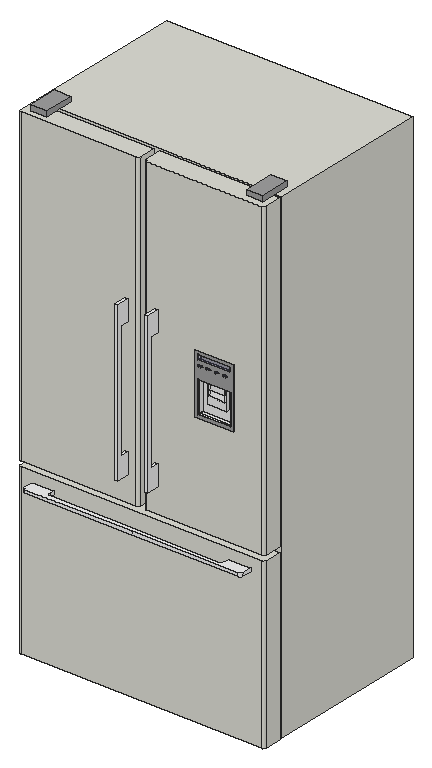
Revit family
Parameters (values of type "F & P French Door Refrigerator")
  URL = "www.revitrendering.com"
  Model = "French Door Refrigerator"
  Manufacturer = "Fisher & Paykel"
  Description = ""
  Material = Metal - Paint Finish - Ivory, Matte
  Assembly Code = ""
Reference planes
  plane 1 "Center (Front/Back)": y = -33.785
  plane 2: z = 0
  plane 3 "Center (Left/Right)": x = -53.801
  plane 4: x = -503.801
  plane 5: x = 396.199
  plane 6: y = 306.215
  plane 7: y = -373.785
  plane 8: z = 1830
  plane 9 "handle": z = 1087.803
Forms (mm)
  Extrusion 1, solid, material "Metal - Paint Finish - Ivory, Matte" <- "Material"
    sketch origin (0, -373.785, 0) x (1, 0, 0) y (0, 0, 1)
      loop
        line (-503.801, 1830) -> (-503.801, 50.8) -> (396.199, 50.8) -> (396.199, 1830) -> (-503.801, 1830)
      loop
        line (-478.401, 1626.8) -> (-478.401, 431.8) -> (370.799, 431.8) -> (370.799, 1626.8) -> (-478.401, 1626.8)
    from -82.55 to -680
  Extrusion 2, solid, material "Metal - Paint Finish - Ivory, Matte"
    sketch origin (0, 306.215, 0) x (1, 0, 0) y (0, 0, 1)
      loop
        line (-478.401, 1804.6) -> (-478.401, 152.4) -> (370.799, 152.4) -> (370.799, 1804.6) -> (-478.401, 1804.6)
    from 0 to 25.4
  Extrusion 3, solid, material "Metal - Paint Finish - Ivory, Matte" <- "Material"
    sketch origin (0, -373.785, 0) x (1, 0, 0) y (0, 0, 1)
      loop
        line (-503.801, 664.9) -> (-503.801, 50.8) -> (396.199, 50.8) -> (396.199, 664.9) -> (-503.801, 664.9)
      loop
        line (-503.801, 1830) -> (-503.801, 684.9) -> (-63.801, 684.9) -> (-63.801, 1830) -> (-503.801, 1830)
      loop
        line (-43.801, 1830) -> (-43.801, 684.9) -> (396.199, 684.9) -> (396.199, 1830) -> (-43.801, 1830)
    from -69.85 to 0
  Extrusion 4, solid, material "Metal - Chrome"
    sketch origin (0, 0, 0) x (1, 0, 0) y (0, 1, 0)
      loop
        circle (-421.251, 230.015) r 25.4
      loop
        circle (313.649, 230.015) r 25.4
      loop
        circle (-421.251, -246.785) r 25.4
      loop
        circle (313.649, -246.785) r 25.4
    from 0 to 50.8
  Extrusion 5, solid, material "Metal - Chrome"
    sketch origin (-428.244, 0, 612.19) x (-1, 0, 0) y (0, -1, 0)
      loop
        line (-374.442, 418.785) -> (-764.442, 418.785)
        arc (-764.442, 418.785) -> (-771.514, 415.856) -> (-774.442, 408.785) r 10
        line (-774.442, 408.785) -> (-774.442, 373.785) -> (-694.442, 373.785) -> (-694.442, 393.785)
        arc (-694.442, 393.785) -> (-691.514, 400.856) -> (-684.442, 403.785) r 10
        line (-684.442, 403.785) -> (-374.442, 403.785) -> (-64.442, 403.785)
        arc (-64.442, 403.785) -> (-57.371, 400.856) -> (-54.442, 393.785) r 10
        line (-54.442, 393.785) -> (-54.442, 373.785) -> (25.558, 373.785) -> (25.558, 408.785)
        arc (25.558, 408.785) -> (22.629, 415.856) -> (15.558, 418.785) r 10
        line (15.558, 418.785) -> (-374.442, 418.785)
    from 4.653 to 15.875
  Extrusion 6, solid, material "Metal - Chrome"
    sketch origin (12.074, 0, 752.701) x (0, 0, -1) y (0, -1, 0)
      loop
        line (-602.399, 373.785) -> (-527.399, 373.785) -> (-527.399, 403.785) -> (-97.399, 403.785) -> (-97.399, 373.785) -> (-22.399, 373.785) -> (-22.399, 418.785) -> (-602.399, 418.785) -> (-602.399, 373.785)
    from 5.919 to 15.875
  Extrusion 7, solid, material "Metal - Chrome"
    sketch origin (-119.676, 0, 752.701) x (0, 0, -1) y (0, 1, 0)
      loop
        line (-602.399, -373.785) -> (-602.399, -418.785) -> (-22.399, -418.785) -> (-22.399, -373.785) -> (-97.399, -373.785) -> (-97.399, -403.785) -> (-527.399, -403.785) -> (-527.399, -373.785) -> (-602.399, -373.785)
    from 5.919 to 15.875
  Extrusion 8, void
    sketch origin (0, -373.785, 0) x (-1, 0, 0) y (0, 0, 1)
      loop
        line (-157.326, 1264.931) -> (-273.859, 1264.931) -> (-273.859, 1055.8) -> (-157.326, 1055.8) -> (-157.326, 1264.931)
    from 0 to 75
  Extrusion 9, solid, material "ice panel"
    sketch origin (0, -373.785, 0) x (1, 0, 0) y (0, 0, 1)
      loop
        line (146.177, 1274.669) -> (146.177, 1055.8) -> (286.177, 1055.8) -> (286.177, 1274.669) -> (146.177, 1274.669)
    from -140.058 to 3.185
  Extrusion 10, void
    sketch origin (0, -376.97, 0) x (-1, 0, 0) y (0, 0, 1)
      loop
        line (-155.712, 1066.692) -> (-155.712, 1184.931) -> (-275.712, 1184.931) -> (-275.712, 1066.692) -> (-155.712, 1066.692)
    from -68.505 to 108.694
  Blend 11, void
    base sketch origin (0, -376.97, 0) x (-1, 0, 0) y (0, 0, 1)
      loop
        line (-155.712, 1244.931) -> (-155.712, 1264.931) -> (-275.712, 1264.931) -> (-275.712, 1244.931) -> (-155.712, 1244.931)
    top sketch origin (0, -376.97, 0) x (-1, 0, 0) y (0, 0, 1)
      loop
        line (-157.326, 1263.204) -> (-273.859, 1263.204) -> (-273.859, 1246.408) -> (-157.326, 1246.408) -> (-157.326, 1263.204)
    from 0 to 10
  Extrusion 12, void
    sketch origin (0, -376.97, 0) x (-1, 0, 0) y (0, 0, 1)
      loop
        spline (-156.277, 1228.61) -> (-156.624, 1229.528) -> (-157.644, 1230.384) -> (-159.265, 1231.119) -> (-161.377, 1231.683) -> (-163.838, 1232.037) -> (-166.478, 1232.158) -> (-169.118, 1232.037) -> (-171.579, 1231.683) -> (-173.692, 1231.119) -> (-175.313, 1230.384) -> (-176.332, 1229.528) -> (-176.68, 1228.61)
        spline (-176.68, 1228.61) -> (-176.332, 1227.691) -> (-175.313, 1226.835) -> (-173.692, 1226.101) -> (-171.579, 1225.537) -> (-169.118, 1225.182) -> (-166.478, 1225.061) -> (-163.838, 1225.182) -> (-161.377, 1225.537) -> (-159.265, 1226.101) -> (-157.644, 1226.835) -> (-156.624, 1227.691) -> (-156.277, 1228.61)
      loop
        spline (-186.277, 1228.61) -> (-186.624, 1229.528) -> (-187.644, 1230.384) -> (-189.265, 1231.119) -> (-191.377, 1231.683) -> (-193.838, 1232.037) -> (-196.478, 1232.158) -> (-199.118, 1232.037) -> (-201.579, 1231.683) -> (-203.692, 1231.119) -> (-205.313, 1230.384) -> (-206.332, 1229.528) -> (-206.68, 1228.61)
        spline (-206.68, 1228.61) -> (-206.332, 1227.691) -> (-205.313, 1226.835) -> (-203.692, 1226.101) -> (-201.579, 1225.537) -> (-199.118, 1225.182) -> (-196.478, 1225.061) -> (-193.838, 1225.182) -> (-191.377, 1225.537) -> (-189.265, 1226.101) -> (-187.644, 1226.835) -> (-186.624, 1227.691) -> (-186.277, 1228.61)
      loop
        spline (-216.277, 1228.61) -> (-216.624, 1229.528) -> (-217.644, 1230.384) -> (-219.265, 1231.119) -> (-221.377, 1231.683) -> (-223.838, 1232.037) -> (-226.478, 1232.158) -> (-229.118, 1232.037) -> (-231.579, 1231.683) -> (-233.692, 1231.119) -> (-235.313, 1230.384) -> (-236.332, 1229.528) -> (-236.68, 1228.61)
        spline (-236.68, 1228.61) -> (-236.332, 1227.691) -> (-235.313, 1226.835) -> (-233.692, 1226.101) -> (-231.579, 1225.537) -> (-229.118, 1225.182) -> (-226.478, 1225.061) -> (-223.838, 1225.182) -> (-221.377, 1225.537) -> (-219.265, 1226.101) -> (-217.644, 1226.835) -> (-216.624, 1227.691) -> (-216.277, 1228.61)
      loop
        spline (-246.277, 1228.61) -> (-246.624, 1229.528) -> (-247.644, 1230.384) -> (-249.265, 1231.119) -> (-251.377, 1231.683) -> (-253.838, 1232.037) -> (-256.478, 1232.158) -> (-259.118, 1232.037) -> (-261.579, 1231.683) -> (-263.692, 1231.119) -> (-265.313, 1230.384) -> (-266.332, 1229.528) -> (-266.68, 1228.61)
        spline (-266.68, 1228.61) -> (-266.332, 1227.691) -> (-265.313, 1226.835) -> (-263.692, 1226.101) -> (-261.579, 1225.537) -> (-259.118, 1225.182) -> (-256.478, 1225.061) -> (-253.838, 1225.182) -> (-251.377, 1225.537) -> (-249.265, 1226.101) -> (-247.644, 1226.835) -> (-246.624, 1227.691) -> (-246.277, 1228.61)
    from 0 to 5.55
  Extrusion 13, solid, material "led buttons blue"
    sketch origin (0, -376.97, 0) x (1, 0, 0) y (0, 0, 1)
      loop
        spline (156.468, 1228.596) -> (156.761, 1227.839) -> (157.711, 1227.045) -> (159.293, 1226.329) -> (161.385, 1225.771) -> (163.835, 1225.419) -> (166.468, 1225.298) -> (169.101, 1225.419) -> (171.552, 1225.771) -> (173.644, 1226.329) -> (175.225, 1227.045) -> (176.176, 1227.839) -> (176.468, 1228.596)
        spline (176.468, 1228.596) -> (176.176, 1229.352) -> (175.225, 1230.146) -> (173.644, 1230.862) -> (171.552, 1231.42) -> (169.101, 1231.772) -> (166.468, 1231.894) -> (163.835, 1231.772) -> (161.385, 1231.42) -> (159.293, 1230.862) -> (157.711, 1230.146) -> (156.761, 1229.352) -> (156.468, 1228.596)
      loop
        spline (186.468, 1228.596) -> (186.761, 1227.839) -> (187.711, 1227.045) -> (189.293, 1226.329) -> (191.385, 1225.771) -> (193.835, 1225.419) -> (196.468, 1225.298) -> (199.101, 1225.419) -> (201.552, 1225.771) -> (203.644, 1226.329) -> (205.225, 1227.045) -> (206.176, 1227.839) -> (206.468, 1228.596)
        spline (206.468, 1228.596) -> (206.176, 1229.352) -> (205.225, 1230.146) -> (203.644, 1230.862) -> (201.552, 1231.42) -> (199.101, 1231.772) -> (196.468, 1231.894) -> (193.835, 1231.772) -> (191.385, 1231.42) -> (189.293, 1230.862) -> (187.711, 1230.146) -> (186.761, 1229.352) -> (186.468, 1228.596)
      loop
        spline (216.468, 1228.596) -> (216.761, 1227.839) -> (217.711, 1227.045) -> (219.293, 1226.329) -> (221.385, 1225.771) -> (223.835, 1225.419) -> (226.468, 1225.298) -> (229.101, 1225.419) -> (231.552, 1225.771) -> (233.644, 1226.329) -> (235.225, 1227.045) -> (236.176, 1227.839) -> (236.468, 1228.596)
        spline (236.468, 1228.596) -> (236.176, 1229.352) -> (235.225, 1230.146) -> (233.644, 1230.862) -> (231.552, 1231.42) -> (229.101, 1231.772) -> (226.468, 1231.894) -> (223.835, 1231.772) -> (221.385, 1231.42) -> (219.293, 1230.862) -> (217.711, 1230.146) -> (216.761, 1229.352) -> (216.468, 1228.596)
      loop
        spline (246.468, 1228.596) -> (246.761, 1227.839) -> (247.711, 1227.045) -> (249.293, 1226.329) -> (251.385, 1225.771) -> (253.835, 1225.419) -> (256.468, 1225.298) -> (259.101, 1225.419) -> (261.552, 1225.771) -> (263.644, 1226.329) -> (265.225, 1227.045) -> (266.176, 1227.839) -> (266.468, 1228.596)
        spline (266.468, 1228.596) -> (266.176, 1229.352) -> (265.225, 1230.146) -> (263.644, 1230.862) -> (261.552, 1231.42) -> (259.101, 1231.772) -> (256.468, 1231.894) -> (253.835, 1231.772) -> (251.385, 1231.42) -> (249.293, 1230.862) -> (247.711, 1230.146) -> (246.761, 1229.352) -> (246.468, 1228.596)
    from -4.019 to 0.291
  Extrusion 14, solid, material "white plastic"
    sketch origin (0, -376.97, 0) x (1, 0, 0) y (0, 0, 1)
      loop
        line (155.712, 1184.931) -> (155.712, 1066.692) -> (275.712, 1066.692) -> (275.712, 1184.931) -> (155.712, 1184.931)
    from -152.596 to -3.185
  Extrusion 15, void
    sketch origin (0, -376.97, 0) x (-1, 0, 0) y (0, 0, 1)
      loop
        line (-157.712, 1068.692) -> (-157.712, 1182.931) -> (-273.712, 1182.931) -> (-273.712, 1068.692) -> (-157.712, 1068.692)
    from 21.255 to -36.882
  Extrusion 16, solid, material "led buttons blue"
    sketch origin (0, -376.97, 0) x (1, 0, 0) y (0, 0, 1)
      loop
        line (157.326, 1246.408) -> (273.859, 1246.408) -> (273.859, 1263.204) -> (157.326, 1263.204) -> (157.326, 1246.408)
    from -19.081 to 0
  Blend 17, void
    base sketch origin (0, -373.785, 0) x (-1, 0, 0) y (0, 0, 1)
      loop
        line (-155.712, 1184.931) -> (-275.712, 1184.931) -> (-275.712, 1066.692) -> (-155.712, 1066.692) -> (-155.712, 1184.931)
    top sketch origin (0, -373.785, 0) x (-1, 0, 0) y (0, 0, 1)
      loop
        line (-157.712, 1182.931) -> (-273.712, 1182.931) -> (-273.712, 1068.692) -> (-157.712, 1068.692) -> (-157.712, 1182.931)
    from 0 to 3
  Extrusion 18, void
    sketch origin (-63.801, -373.785, 1830) x (-1, 0, 0) y (0, 1, 0)
      loop
        arc (440, 10) -> (437.071, 2.929) -> (430, 0) r 10
        line (430, 0) -> (440, 0) -> (440, 10)
      loop
        line (-460, 10) -> (-460, 0) -> (-450, 0)
        arc (-450, 0) -> (-457.071, 2.929) -> (-460, 10) r 10
    from 0 to 2000
  Extrusion 19, solid, material "fridge capping"
    sketch origin (-63.801, -373.785, 1830) x (0, 1, 0) y (-1, 0, 0)
      loop
        line (24.838, 414.6) -> (24.838, 357.45) -> (135.509, 357.45) -> (135.509, 414.6) -> (24.838, 414.6)
      loop
        line (24.838, -377.431) -> (24.838, -434.581) -> (135.509, -434.581) -> (135.509, -377.431) -> (24.838, -377.431)
    from 0 to 18.153
  Extrusion 20, solid, material "white plastic"
    sketch origin (3.75, -355.715, 0) x (1, 0, 0) y (0, 0, 1)
      loop
        line (177.712, 1182.931) -> (177.712, 1104.692) -> (247.712, 1104.692) -> (247.712, 1182.931) -> (177.712, 1182.931)
    from 0 to 8.07
  Blend 21, void
    base sketch origin (3.75, -363.785, 0) x (-1, 0, 0) y (0, 0, 1)
      loop
        line (-182.673, 1175.393) -> (-241.404, 1175.393) -> (-241.404, 1132.154) -> (-182.673, 1132.154) -> (-182.673, 1175.393)
    top sketch origin (3.75, -363.785, 0) x (-1, 0, 0) y (0, 0, 1)
      loop
        line (-184.736, 1173.331) -> (-239.342, 1173.331) -> (-239.342, 1152.456) -> (-184.736, 1152.456) -> (-184.736, 1173.331)
    from 0 to 4.631
  Extrusion 22, solid, material "white plastic"
    sketch origin (3.75, -359.154, 0) x (1, 0, 0) y (0, 0, 1)
      loop
        line (184.736, 1173.331) -> (184.736, 1152.456) -> (239.342, 1152.456) -> (239.342, 1173.331) -> (184.736, 1173.331)
    from 0 to 3.905
  Extrusion 23, void
    sketch origin (0, 0, 0) x (1, 0, 0) y (0, 1, 0)
      loop
        arc (-63.801, -363.785) -> (-66.73, -370.856) -> (-73.801, -373.785) r 10
        line (-73.801, -373.785) -> (-63.801, -373.785) -> (-63.801, -363.785)
      loop
        line (-43.801, -363.785) -> (-43.801, -373.785) -> (-33.801, -373.785)
        arc (-33.801, -373.785) -> (-40.872, -370.856) -> (-43.801, -363.785) r 10
    from 684.9 to 1830
Cuts and joins
  Extrusion 8, Extrusion 10, Blend 11, Extrusion 12, Extrusion 15, Blend 17, Extrusion 18, Blend 21, Extrusion 23 cuts Extrusion 3
  Extrusion 10, Blend 11, Extrusion 12, Extrusion 15, Blend 17, Blend 21 cuts Extrusion 9
  Extrusion 15, Blend 17, Blend 21 cuts Extrusion 14
  Blend 21 cuts Extrusion 20
Lines and regions (mm)
  Masking region 1
    outline origin (0, 0, 0) x (1, 0, 0) y (0, 1, 0)
      loop
        line (-503.801, 306.215) -> (-503.801, -373.785) -> (396.199, -373.785) -> (396.199, 306.215) -> (-503.801, 306.215)
  symbolic lines, style "SpecialityEquipment"
    curve 1: line (-503.801, 306.215, 0) -> (396.199, 306.215, 0)
    curve 2: line (-503.801, -297.585, 0) -> (-503.801, 306.215, 0)
    curve 4: line (396.199, 306.215, 0) -> (396.199, -297.585, 0)
    curve 7: line (396.199, -297.585, 0) -> (-503.801, -297.585, 0)
    curve 10: line (-503.801, -373.785, 0) -> (396.199, -373.785, 0)
    curve 11: line (-503.801, -300.76, 0) -> (-503.801, -373.785, 0)
    curve 12: line (396.199, -300.76, 0) -> (-503.801, -300.76, 0)
    curve 13: line (396.199, -373.785, 0) -> (396.199, -300.76, 0)
  symbolic lines
    curve 3: line (396.199, -297.585, 0) -> (-503.801, -297.585, 0)
    curve 5: line (-503.801, -373.785, 0) -> (396.199, -373.785, 0)
    curve 6: line (-503.801, -297.585, 0) -> (-503.801, -373.785, 0)
    curve 8: line (396.199, -373.785, 0) -> (396.199, -297.585, 0)
  symbolic lines, style "Dashed", detail levels medium+fine
    curve 9: line (334.325, -701.726, 0) -> (-503.801, -373.785, 0)
    curve 14: arc (396.199, -373.785, 0) -> (380.595, -540.648, 0) -> (334.325, -701.726, 0) r 900
Dimensions and locks
  equal spacing: plane 4, plane 3 "Center (Left/Right)", plane 5
  plane 4 to plane 5 = 900.00 mm
  equal spacing: plane 7, plane 1 "Center (Front/Back)", plane 6
  plane 7 to plane 6 = 680.00 mm
  locked: plane 8 to plane 2 at 1830
  cut or joined group of Extrusion 14, Extrusion 15, Blend 17, Blend 21 to cut or joined group of Extrusion 9, Extrusion 10, Blend 11, Extrusion 12, Extrusion 15, Blend 17, Blend 21 = 21.255 mm
  aligned and locked: Extrusion 1 to plane 6
  aligned and locked: plane 3 "Center (Left/Right)" to nested 1
  aligned and locked: plane 1 "Center (Front/Back)" to nested 1
  aligned and locked: Masking region 1 sketch curve to plane 4
  aligned and locked: plane 6 to Masking region 1 sketch curve
  aligned and locked: plane 5 to Masking region 1 sketch curve
  aligned and locked: Masking region 1 sketch curve to plane 7
  aligned: Extrusion 3 to Extrusion 23
  aligned: Extrusion 1 to Extrusion 23
Automatic sketch dimensions
  curve 1 to plane 4 = 0.00 mm
  curve 14 to plane 4 = 0.00 mm
  curve 12 to plane 4 = 0.00 mm
  curve 8 to plane 5 = 0.00 mm
  curve 10 to plane 5 = 0.00 mm
  curve 14 to plane 7 = 0.00 mm
  curve 9 to plane 7 = 0.00 mm
  curve 4 to plane 6 = 0.00 mm
  plane 5 to curve 14 = 61.874 mm
  curve 9 to curve 14 = 0.00 mm  (x2)
  curve 5 to curve 13 = 73.025 mm
  curve 11 to curve 6 = 3.175 mm
  Extrusion 1 sketch curve to plane 4 = 0.00 mm
  Extrusion 1 sketch curve to plane 5 = 0.00 mm
  Extrusion 1 sketch curve to plane 8 = 0.00 mm
  Extrusion 1 sketch curve to plane 4 = 25.40 mm
  plane 5 to Extrusion 1 sketch curve = 25.40 mm
  plane 8 to Extrusion 1 sketch curve = 203.20 mm
  level to Extrusion 1 sketch curve = 431.80 mm
  level to Extrusion 1 sketch curve = 50.80 mm
  Extrusion 2 sketch curve to plane 4 = 25.40 mm
  plane 5 to Extrusion 2 sketch curve = 25.40 mm
  level to Extrusion 2 sketch curve = 152.40 mm
  plane 8 to Extrusion 2 sketch curve = 25.40 mm
  Extrusion 3 sketch curve to plane 4 = 0.00 mm  (x2)
  Extrusion 3 sketch curve to plane 8 = 0.00 mm  (x2)
  Extrusion 3 sketch curve to plane 5 = 0.00 mm  (x2)
  Extrusion 3 sketch curve to plane 3 "Center (Left/Right)" = 10.00 mm
  plane 3 "Center (Left/Right)" to Extrusion 3 sketch curve = 10.00 mm
  Extrusion 3 sketch curve to plane 9 "handle" = 402.903 mm
  Extrusion 3 sketch curve to Extrusion 3 sketch curve = 0.00 mm
  Extrusion 3 sketch curve to Extrusion 3 sketch curve = 20.00 mm
  level to Extrusion 3 sketch curve = 50.80 mm
  Extrusion 4 sketch curve to Extrusion 4 sketch curve = 0.00 mm  (x8)
  Extrusion 4 sketch curve to plane 4 = 57.15 mm  (x2)
  Extrusion 4 sketch curve to Extrusion 4 sketch curve = 25.40 mm  (x4)
  plane 5 to Extrusion 4 sketch curve = 107.95 mm  (x2)
  Extrusion 4 sketch curve to plane 7 = 127.00 mm  (x2)
  plane 6 to Extrusion 4 sketch curve = 76.20 mm  (x2)
  Extrusion 5 sketch curve to plane 7 = 0.00 mm  (x2)
  Extrusion 5 sketch curve to plane 3 "Center (Left/Right)" = 0.00 mm  (x2)
  plane 7 to Extrusion 5 sketch curve = 20.00 mm  (x2)
  plane 5 to Extrusion 5 sketch curve = 140.00 mm
  Extrusion 5 sketch curve to Extrusion 5 sketch curve = 10.00 mm  (x3)
  plane 5 to Extrusion 5 sketch curve = 60.00 mm
  Extrusion 5 sketch curve to plane 4 = 140.00 mm
  plane 7 to Extrusion 5 sketch curve = 35.00 mm
  Extrusion 5 sketch curve to plane 4 = 60.00 mm
  Extrusion 6 sketch curve to plane 7 = 0.00 mm  (x2)
  plane 9 "handle" to Extrusion 6 sketch curve = 267.297 mm
  Extrusion 6 sketch curve to Extrusion 6 sketch curve = 75.00 mm  (x2)
  Extrusion 6 sketch curve to plane 9 "handle" = 237.703 mm
  Extrusion 6 sketch curve to Extrusion 6 sketch curve = 30.00 mm
  plane 7 to Extrusion 6 sketch curve = 45.00 mm
  Extrusion 7 sketch curve to plane 7 = 0.00 mm  (x2)
  plane 9 "handle" to Extrusion 7 sketch curve = 267.297 mm
  Extrusion 7 sketch curve to Extrusion 7 sketch curve = 75.00 mm  (x2)
  Extrusion 7 sketch curve to plane 9 "handle" = 237.703 mm
  Extrusion 7 sketch curve to Extrusion 7 sketch curve = 30.00 mm
  Extrusion 7 sketch curve to Extrusion 7 sketch curve = 45.00 mm
  Extrusion 3 to Extrusion 8 sketch curve = 122.34 mm
  Extrusion 8 sketch curve to Extrusion 8 sketch curve = 116.533 mm
  Extrusion 3 to Extrusion 8 sketch curve = 370.90 mm
  Extrusion 8 sketch curve to Extrusion 8 sketch curve = 209.131 mm
  Extrusion 9 sketch curve to Extrusion 3 = 189.978 mm
  Extrusion 9 sketch curve to Extrusion 3 = 110.022 mm
  Extrusion 9 sketch curve to Extrusion 3 = 370.90 mm
  Extrusion 9 sketch curve to Extrusion 9 sketch curve = 218.869 mm
  Extrusion 9 to Extrusion 10 sketch curve = 10.464 mm
  Extrusion 9 to Extrusion 10 sketch curve = 9.536 mm
  Extrusion 9 to Extrusion 10 sketch curve = 10.892 mm
  Extrusion 9 to Extrusion 10 sketch curve = 89.738 mm
  Extrusion 9 to Blend 11 sketch curve = 10.464 mm
  Extrusion 9 to Blend 11 sketch curve = 9.536 mm
  Extrusion 9 to Blend 11 sketch curve = 29.738 mm
  Extrusion 9 to Blend 11 sketch curve = 9.738 mm
  Extrusion 9 to Blend 11 sketch curve = 12.317 mm
  Extrusion 9 to Blend 11 sketch curve = 11.149 mm
  Extrusion 9 to Blend 11 sketch curve = 28.261 mm
  Extrusion 9 to Blend 11 sketch curve = 11.465 mm
  Extrusion 9 to Extrusion 12 sketch curve = 29.698 mm
  Extrusion 12 sketch curve to Extrusion 12 sketch curve = 10.201 mm  (x3)
  Extrusion 12 sketch curve to Extrusion 12 sketch curve = 19.799 mm  (x3)
  Extrusion 9 to Extrusion 12 sketch curve = 10.10 mm
  Extrusion 9 to Extrusion 12 sketch curve = 46.059 mm
  Extrusion 12 sketch curve to Extrusion 12 sketch curve = 0.00 mm  (x3)
  Extrusion 13 sketch curve to Extrusion 9 = 10.292 mm
  Extrusion 13 sketch curve to Extrusion 13 sketch curve = 20.00 mm  (x3)
  Extrusion 13 sketch curve to Extrusion 13 sketch curve = 10.00 mm  (x3)
  Extrusion 13 sketch curve to Extrusion 9 = 19.708 mm
  Extrusion 13 sketch curve to Extrusion 9 = 46.073 mm
  Extrusion 13 sketch curve to Extrusion 13 sketch curve = 0.00 mm  (x3)
  Extrusion 14 sketch curve to Extrusion 9 = 9.536 mm
  Extrusion 14 sketch curve to Extrusion 9 = 10.464 mm
  Extrusion 14 sketch curve to Extrusion 9 = 10.892 mm
  Extrusion 14 sketch curve to Extrusion 9 = 89.738 mm
  Extrusion 9 to Extrusion 15 sketch curve = 12.464 mm
  Extrusion 9 to Extrusion 15 sketch curve = 11.536 mm
  Extrusion 9 to Extrusion 15 sketch curve = 12.892 mm
  Extrusion 9 to Extrusion 15 sketch curve = 91.738 mm
  Extrusion 16 sketch curve to Extrusion 9 = 11.149 mm
  Extrusion 16 sketch curve to Extrusion 9 = 12.317 mm
  Extrusion 16 sketch curve to Extrusion 9 = 28.261 mm
  Extrusion 16 sketch curve to Extrusion 9 = 11.465 mm
  Blend 17 sketch curve to Extrusion 14 = 0.00 mm  (x4)
  Extrusion 14 to Blend 17 sketch curve = 2.00 mm  (x4)
  Extrusion 3 to Extrusion 19 sketch curve = 24.838 mm  (x2)
  Extrusion 3 to Extrusion 19 sketch curve = 25.40 mm
  Extrusion 19 sketch curve to Extrusion 3 = 65.659 mm  (x2)
  Extrusion 19 sketch curve to Extrusion 19 sketch curve = 57.15 mm  (x2)
  Extrusion 3 to Extrusion 19 sketch curve = 377.431 mm
  Extrusion 20 sketch curve to Extrusion 15 = 0.00 mm
  Extrusion 20 sketch curve to Extrusion 15 = 23.75 mm
  Extrusion 20 sketch curve to Extrusion 15 = 22.25 mm
  Extrusion 20 sketch curve to Extrusion 15 = 36.00 mm
  Extrusion 20 to Blend 21 sketch curve = 6.308 mm
  Extrusion 20 to Blend 21 sketch curve = 4.961 mm
  Extrusion 20 to Blend 21 sketch curve = 27.462 mm
  Extrusion 20 to Blend 21 sketch curve = 7.538 mm
  Extrusion 20 to Blend 21 sketch curve = 8.37 mm
  Extrusion 20 to Blend 21 sketch curve = 7.024 mm
  Extrusion 20 to Blend 21 sketch curve = 30.475 mm
  Extrusion 20 to Blend 21 sketch curve = 9.60 mm
  Extrusion 22 sketch curve to Blend 21 = 0.00 mm  (x4)
  Extrusion 18 sketch curve to Extrusion 3 = 0.00 mm  (x3)
  Extrusion 3 to Extrusion 18 sketch curve = 10.00 mm
  Extrusion 3 to Extrusion 18 sketch curve = 450.00 mm
  Extrusion 18 sketch curve to Extrusion 18 sketch curve = 10.00 mm
  Extrusion 23 sketch curve to plane 7 = 0.00 mm  (x2)
  Extrusion 23 sketch curve to plane 3 "Center (Left/Right)" = 20.00 mm
  Extrusion 23 sketch curve to plane 3 "Center (Left/Right)" = 10.00 mm
  plane 3 "Center (Left/Right)" to Extrusion 23 sketch curve = 10.00 mm
  Extrusion 23 sketch curve to Extrusion 23 sketch curve = 10.00 mm
Nested families
  nested 1: "M_Label Annotation" at (-53.801, -33.785, 0), type "M_Label Annotation", detail levels medium+fine
Definition of nested family "M_Label Annotation"
  Parameters
    Label = ""
  Reference planes
    plane 1: y = 0
    plane 2: x = 0
  Text (mm)
    label "Label" at (0.007, 0.129, 0), shows "Label"
